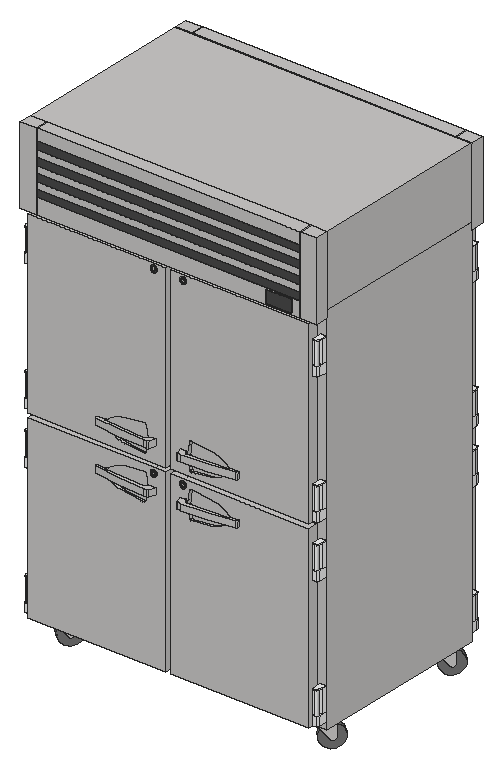
Revit family "QF_Turbo Air_PRO-50-4R-PT", category Specialty Equipment, Revit 2014
Parameters
  Width = 4' - 3 3/4"  # constant formula
  Weight in Pounds = 565
  Watermarked By = ""
  Volts = 115 V
  URL Cutsheet = ""
  URL = "www.turboairinc.com"
  Status [instance] = ""
  Specification by User [instance] = ""
  Specification by Manufacturer [instance] = ""
  Serial Number [instance] = ""
  Revision Code [instance] = ""
  Phase = 1
  Overall Height [instance] = Box Height + CasterLeg Height  # 6' - 11"
  Number of Poles [instance] = 1
  NAFEM Spec ID Number [instance] = ""
  Model = "PRO-50-4R-PT"
  Masterspec [instance] = ""
  Manufacturer = "Turbo Air"  # constant formula
  Door Height = 2' - 7 1/4"  # constant formula
  Description = "Refrigerator, Pass-Thru"
  Assembly Code = "E1090320"
  6 inch Legs [instance] = no
  Item Number [instance] = "-"
  Installed By [instance] = ""
  HP = "1/2"
  Furnished By [instance] = ""
  Foodservice Equipment Identifier = yes
  FL Amps = 9.1 A
  Electrical Remarks [instance] = ""
  Electric Connection Type = ""
  Elec Conn RI Height [instance] = 0' - 0"
  Elec Conn Connection Height = 6' - 4 7/8"
  Cycle = 60 Hz
  Conn Plug = "NEMA 5-15P"
  Casters [instance] = not([6 inch Legs])  # yes
  CasterLeg Height [instance] = if(or([5 inch Casters], [6 inch Legs]), 0' 6", 0' 5")  # 0' - 5"
  CSI MasterFormat = "11 41 13"
  Box Height = 6' - 6"  # constant formula
  Apparent Power = if(Phase = 3, Volts * FL Amps * 1.73, Volts * FL Amps)  # 1046.5 VA
  5 inch Casters [instance] = no
Reference planes (in)
  plane 1 "Box Back": y = 0
  plane 2: z = 0
  plane 3 "LEFT": x = -16.56573
  plane 4 "RIGHT": x = 35.18427
  plane 5 "FRONT": y = -33.875
  plane 6 "Box Front": y = -31.5
  plane 7 "Door Clearance": y = -57.75
  plane 8 "TOP": z = 83
  plane 9 "Box Bottom": z = 5
  plane 10 "Bottom Door Bottom": z = 5.875
  plane 11 "Top Door Top": z = 69.125
  plane 12 "Inside Left": x = -14.56573
  plane 13 "Inside Right": x = 33.18427
  plane 14 "Inside Back": y = -2
  plane 15 "Inside Front": y = -29.5
  plane 16 "Inside Top": z = 70.75
  plane 17 "Center LR": x = 9.30927
  plane 18 "Cowl Bottom": z = 69.5
  plane 19 "Door Left Hinge": x = -15.31573
  plane 20 "Door Right Hinge": x = 33.93427
  plane 21 "BACK": y = 2.375
  plane 22 "Center FB": y = -15.75
  plane 23: y = 26.25
  plane 24: x = 8.93427
  plane 25: x = 9.68427
  plane 26 "Door CL": z = 37.5
  plane 27 "Top Door Bottom": z = 37.875
  plane 28 "Bottom Door Top": z = 37.125
Forms (in)
  Extrusion 1, solid, material "QF_Stainless-Polished"
    sketch origin (0, 0, 5) x (0, 1, 0) y (-1, 0, 0)
      loop
        line (-31.5, 16.56573) -> (-31.5, 13.81573) -> (-29.5, 13.81573) -> (-29.5, 14.56573) -> (-2, 14.56573) -> (-2, 13.81573) -> (0, 13.81573) -> (0, 16.56573) -> (-31.5, 16.56573)
      loop
        line (-2, -33.18427) -> (-29.5, -33.18427) -> (-29.5, -32.43427) -> (-31.5, -32.43427) -> (-31.5, -35.18427) -> (0, -35.18427) -> (0, -32.43427) -> (-2, -32.43427) -> (-2, -33.18427)
    from 0 to 65.75
  Extrusion 2, solid, material "QF_Stainless-Polished"
    sketch origin (-14.56573, 0, 0) x (0, 1, 0) y (0, 0, 1)
      loop
        line (-29.5, 7.75) -> (-29.5, 5) -> (-2, 5) -> (-2, 7.75) -> (-29.5, 7.75)
      loop
        line (-29.5, 70.75) -> (-29.5, 69.375) -> (-2, 69.375) -> (-2, 70.75) -> (-29.5, 70.75)
    from 0 to 47.75
  Extrusion 3, solid, material "QF_Stainless-Polished"
    sketch origin (-14.56573, 0, 0) x (0, 1, 0) y (0, 0, 1)
      loop
        line (-29.5, 5) -> (-29.5, 8.25) -> (-31.5, 8.25) -> (-31.5, 5) -> (-29.5, 5)
      loop
        line (-31.5, 70.75) -> (-31.5, 67) -> (-29.5, 67) -> (-29.5, 70.75) -> (-31.5, 70.75)
    from 0.75 to 47
  Extrusion 4, solid, material "QF_Stainless-Polished"
    sketch origin (0, 0, 83) x (0, 1, 0) y (-1, 0, 0)
      loop
        line (0, 16.56573) -> (-31.5, 16.56573) -> (-31.5, -35.18427) -> (0, -35.18427) -> (0, 16.56573)
    from 0 to -12.25
  Extrusion 5, solid, material "QF_Plastic-Black-Fine Textured"
    sketch origin (0, -31.5, 0) x (1, 0, 0) y (0, 0, 1)
      loop
        line (-14.31573, 67.75) -> (-14.31573, 39.25) -> (7.93427, 39.25) -> (7.93427, 67.75) -> (-14.31573, 67.75)
      loop
        line (-14.31573, 7.25) -> (7.93427, 7.25) -> (7.93427, 35.75) -> (-14.31573, 35.75) -> (-14.31573, 7.25)
      loop
        line (32.93427, 7.25) -> (32.93427, 35.75) -> (10.68427, 35.75) -> (10.68427, 7.25) -> (32.93427, 7.25)
      loop
        line (32.93427, 67.75) -> (10.68427, 67.75) -> (10.68427, 39.25) -> (32.93427, 39.25) -> (32.93427, 67.75)
      loop
        line (-14.56573, 7) -> (8.18427, 7) -> (8.18427, 36) -> (-14.56573, 36) -> (-14.56573, 7)
      loop
        line (-14.56573, 68) -> (-14.56573, 39) -> (8.18427, 39) -> (8.18427, 68) -> (-14.56573, 68)
      loop
        line (33.18427, 68) -> (10.43427, 68) -> (10.43427, 39) -> (33.18427, 39) -> (33.18427, 68)
      loop
        line (33.18427, 7) -> (33.18427, 36) -> (10.43427, 36) -> (10.43427, 7) -> (33.18427, 7)
    from 0 to 0.625
  Extrusion 6, solid, material "QF_Stainless-Polished"
    sketch origin (0, -31.5, 0) x (1, 0, 0) y (0, 0, 1)
      loop
        line (-16.56573, 83) -> (-16.56573, 69.5) -> (-13.75323, 69.5) -> (-13.75323, 83) -> (-16.56573, 83)
      loop
        line (35.18427, 83) -> (32.37177, 83) -> (32.37177, 69.5) -> (35.18427, 69.5) -> (35.18427, 83)
    from 0 to 2.375
  Extrusion 7, solid, material "QF_Stainless-Polished"
    sketch origin (0, -31.5, 0) x (1, 0, 0) y (0, 0, 1)
      loop
        line (-13.75323, 83) -> (-13.75323, 81) -> (32.37177, 81) -> (32.37177, 83) -> (-13.75323, 83)
      loop
        line (-13.75323, 69.5) -> (32.37177, 69.5) -> (32.37177, 72.25) -> (-13.75323, 72.25) -> (-13.75323, 69.5)
      loop
        arc (30.87177, 71.75) -> (30.81686, 71.88258) -> (30.68427, 71.9375) r 0.1875
        line (30.68427, 71.9375) -> (26.55927, 71.9375)
        arc (26.55927, 71.9375) -> (26.42669, 71.88258) -> (26.37177, 71.75) r 0.1875
        line (26.37177, 71.75) -> (26.37177, 69.9375)
        arc (26.37177, 69.9375) -> (26.42669, 69.80492) -> (26.55927, 69.75) r 0.1875
        line (26.55927, 69.75) -> (30.68427, 69.75)
        arc (30.68427, 69.75) -> (30.81686, 69.80492) -> (30.87177, 69.9375) r 0.1875
        line (30.87177, 69.9375) -> (30.87177, 71.75)
    from 0 to 2.375
  Extrusion 8, solid, material "QF_Stainless-Polished"
    sketch origin (0, -31.5, 0) x (1, 0, 0) y (0, 0, 1)
      loop
        line (-13.75323, 79.6875) -> (-13.75323, 78.5625) -> (32.37177, 78.5625) -> (32.37177, 79.6875) -> (-13.75323, 79.6875)
      loop
        line (32.37177, 77.1875) -> (-13.75323, 77.1875) -> (-13.75323, 76.0625) -> (32.37177, 76.0625) -> (32.37177, 77.1875)
      loop
        line (32.37177, 74.6875) -> (-13.75323, 74.6875) -> (-13.75323, 73.5625) -> (32.37177, 73.5625) -> (32.37177, 74.6875)
    from 0 to 2.375
  Extrusion 9, solid, material "QF_Plastic-Black-Fine Textured"
    sketch origin (0, -31.5, 0) x (1, 0, 0) y (0, 0, 1)
      loop
        line (-13.75323, 81) -> (-13.75323, 79.6875) -> (32.37177, 79.6875) -> (32.37177, 81) -> (-13.75323, 81)
      loop
        line (-13.75323, 78.5625) -> (-13.75323, 77.1875) -> (32.37177, 77.1875) -> (32.37177, 78.5625) -> (-13.75323, 78.5625)
      loop
        line (-13.75323, 76.0625) -> (-13.75323, 74.6875) -> (32.37177, 74.6875) -> (32.37177, 76.0625) -> (-13.75323, 76.0625)
      loop
        line (-13.75323, 73.5625) -> (-13.75323, 72.25) -> (32.37177, 72.25) -> (32.37177, 73.5625) -> (-13.75323, 73.5625)
    from 0 to 2.375
  Extrusion 10, solid, material "QF_Plastic-Black-Fine Textured"
    sketch origin (0, -31.5, 0) x (1, 0, 0) y (0, 0, 1)
      loop
        arc (26.55927, 71.9375) -> (26.42669, 71.88258) -> (26.37177, 71.75) r 0.1875
        line (26.37177, 71.75) -> (26.37177, 69.9375)
        arc (26.37177, 69.9375) -> (26.42669, 69.80492) -> (26.55927, 69.75) r 0.1875
        line (26.55927, 69.75) -> (30.68427, 69.75)
        arc (30.68427, 69.75) -> (30.81686, 69.80492) -> (30.87177, 69.9375) r 0.1875
        line (30.87177, 69.9375) -> (30.87177, 71.75)
        arc (30.87177, 71.75) -> (30.81686, 71.88258) -> (30.68427, 71.9375) r 0.1875
        line (30.68427, 71.9375) -> (26.55927, 71.9375)
    from 0 to 2.375
  Extrusion 11, solid, material "QF_Clearance", detail levels coarse+medium
    sketch origin (0, 0, 5.875) x (0, 1, 0) y (-1, 0, 0)
      loop
        line (-57.75, -35.18427) -> (-33.875, -35.18427) -> (-33.875, -9.68427)
        arc (-33.875, -9.68427) -> (-51.23446, -17.35783) -> (-57.75, -35.18427) r 24.25
      loop
        arc (-57.75, 16.56573) -> (-51.23446, -1.26072) -> (-33.875, -8.93427) r 24.25
        line (-33.875, -8.93427) -> (-33.875, 16.56573) -> (-57.75, 16.56573)
    from 0 to 63.25
  Extrusion 12, solid, material "QF_Stainless-Polished"
    sketch origin (0, -2, 0) x (1, 0, 0) y (0, 0, 1)
      loop
        line (33.18427, 69.375) -> (-11.50323, 69.375) -> (-11.50323, 68.125) -> (10.43427, 68.125) -> (31.93427, 65.625) -> (33.18427, 65.625) -> (33.18427, 69.375)
    from 0 to 27.5
  Extrusion 13, solid, material "QF_Stainless-Polished"
    sketch origin (0, -15.75, 0) x (-1, 0, 0) y (0, 0, 1)
      loop
        line (-31.93427, 65.625) -> (-33.18427, 65.625) -> (-33.18427, 28.875) -> (-31.93427, 28.875) -> (-31.93427, 65.625)
    from 0.25 to -0.25
  Extrusion 14, solid, material "QF_Stainless-Polished"
    sketch origin (0, 0, 0) x (1, 0, 0) y (0, 0, 1)
      loop
        line (-16.56573, 83) -> (-16.56573, 69.5) -> (-13.75323, 69.5) -> (-13.75323, 83) -> (-16.56573, 83)
      loop
        line (35.18427, 83) -> (32.37177, 83) -> (32.37177, 69.5) -> (35.18427, 69.5) -> (35.18427, 83)
    from 0 to -2.375
  Extrusion 15, solid, material "QF_Plastic-Black-Fine Textured"
    sketch origin (0, 0, 0) x (1, 0, 0) y (0, 0, 1)
      loop
        line (-13.75323, 81) -> (-13.75323, 79.6875) -> (32.37177, 79.6875) -> (32.37177, 81) -> (-13.75323, 81)
      loop
        line (-13.75323, 78.5625) -> (-13.75323, 77.1875) -> (32.37177, 77.1875) -> (32.37177, 78.5625) -> (-13.75323, 78.5625)
      loop
        line (-13.75323, 76.0625) -> (-13.75323, 74.6875) -> (32.37177, 74.6875) -> (32.37177, 76.0625) -> (-13.75323, 76.0625)
      loop
        line (-13.75323, 73.5625) -> (-13.75323, 72.25) -> (32.37177, 72.25) -> (32.37177, 73.5625) -> (-13.75323, 73.5625)
    from 0 to -2.375
  Extrusion 16, solid, material "QF_Plastic-Black-Fine Textured"
    sketch origin (0, 0, 0) x (1, 0, 0) y (0, 0, 1)
      loop
        arc (26.55927, 71.9375) -> (26.42669, 71.88258) -> (26.37177, 71.75) r 0.1875
        line (26.37177, 71.75) -> (26.37177, 69.9375)
        arc (26.37177, 69.9375) -> (26.42669, 69.80492) -> (26.55927, 69.75) r 0.1875
        line (26.55927, 69.75) -> (30.68427, 69.75)
        arc (30.68427, 69.75) -> (30.81686, 69.80492) -> (30.87177, 69.9375) r 0.1875
        line (30.87177, 69.9375) -> (30.87177, 71.75)
        arc (30.87177, 71.75) -> (30.81686, 71.88258) -> (30.68427, 71.9375) r 0.1875
        line (30.68427, 71.9375) -> (26.55927, 71.9375)
    from 0 to -2.375
  Extrusion 17, solid, material "QF_Stainless-Polished"
    sketch origin (-14.56573, -31.5, 0) x (0, -1, 0) y (0, 0, -1)
      loop
        line (-29.5, -5) -> (-31.5, -5) -> (-31.5, -8.25) -> (-29.5, -8.25) -> (-29.5, -5)
      loop
        line (-31.5, -70.75) -> (-29.5, -70.75) -> (-29.5, -67) -> (-31.5, -67) -> (-31.5, -70.75)
    from 0.75 to 47
  Extrusion 18, solid, material "QF_Stainless-Polished"
    sketch origin (0, 0, 0) x (1, 0, 0) y (0, 0, 1)
      loop
        line (32.37177, 83) -> (-13.75323, 83) -> (-13.75323, 81) -> (32.37177, 81) -> (32.37177, 83)
      loop
        line (32.37177, 72.25) -> (-13.75323, 72.25) -> (-13.75323, 69.5) -> (32.37177, 69.5) -> (32.37177, 72.25)
      loop
        line (30.87177, 69.9375) -> (30.87177, 71.75)
        arc (30.87177, 71.75) -> (30.81686, 71.88258) -> (30.68427, 71.9375) r 0.1875
        line (30.68427, 71.9375) -> (26.55927, 71.9375)
        arc (26.55927, 71.9375) -> (26.42669, 71.88258) -> (26.37177, 71.75) r 0.1875
        line (26.37177, 71.75) -> (26.37177, 69.9375)
        arc (26.37177, 69.9375) -> (26.42669, 69.80492) -> (26.55927, 69.75) r 0.1875
        line (26.55927, 69.75) -> (30.68427, 69.75)
        arc (30.68427, 69.75) -> (30.81686, 69.80492) -> (30.87177, 69.9375) r 0.1875
    from 0 to -2.375
  Extrusion 19, solid, material "QF_Plastic-Black-Fine Textured"
    sketch origin (0, 0, 0) x (1, 0, 0) y (0, 0, 1)
      loop
        line (33.18427, 68) -> (10.43427, 68) -> (10.43427, 39) -> (33.18427, 39) -> (33.18427, 68)
      loop
        line (-14.31573, 67.75) -> (-14.31573, 39.25) -> (7.93427, 39.25) -> (7.93427, 67.75) -> (-14.31573, 67.75)
      loop
        line (32.93427, 67.75) -> (10.68427, 67.75) -> (10.68427, 39.25) -> (32.93427, 39.25) -> (32.93427, 67.75)
      loop
        line (-14.56573, 7) -> (8.18427, 7) -> (8.18427, 36) -> (-14.56573, 36) -> (-14.56573, 7)
      loop
        line (32.93427, 7.25) -> (32.93427, 35.75) -> (10.68427, 35.75) -> (10.68427, 7.25) -> (32.93427, 7.25)
      loop
        line (-14.31573, 7.25) -> (7.93427, 7.25) -> (7.93427, 35.75) -> (-14.31573, 35.75) -> (-14.31573, 7.25)
      loop
        line (-14.56573, 68) -> (-14.56573, 39) -> (8.18427, 39) -> (8.18427, 68) -> (-14.56573, 68)
      loop
        line (10.43427, 7) -> (33.18427, 7) -> (33.18427, 36) -> (10.43427, 36) -> (10.43427, 7)
    from 0 to -0.625
  Extrusion 20, solid, material "QF_Stainless-Polished"
    sketch origin (0, 0, 0) x (1, 0, 0) y (0, 0, 1)
      loop
        line (32.37177, 79.6875) -> (-13.75323, 79.6875) -> (-13.75323, 78.5625) -> (32.37177, 78.5625) -> (32.37177, 79.6875)
      loop
        line (32.37177, 77.1875) -> (-13.75323, 77.1875) -> (-13.75323, 76.0625) -> (32.37177, 76.0625) -> (32.37177, 77.1875)
      loop
        line (32.37177, 74.6875) -> (-13.75323, 74.6875) -> (-13.75323, 73.5625) -> (32.37177, 73.5625) -> (32.37177, 74.6875)
    from 0 to -2.375
  Extrusion 21, solid, material "QF_Clearance", detail levels coarse+medium
    sketch origin (0, -31.5, 5.875) x (0, -1, 0) y (1, 0, 0)
      loop
        arc (-57.75, 35.18427) -> (-51.23446, 17.35783) -> (-33.875, 9.68427) r 24.25
        line (-33.875, 9.68427) -> (-33.875, 35.18427) -> (-57.75, 35.18427)
      loop
        line (-57.75, -16.56573) -> (-33.875, -16.56573) -> (-33.875, 8.93427)
        arc (-33.875, 8.93427) -> (-51.23446, 1.26072) -> (-57.75, -16.56573) r 24.25
    from 0 to 63.25
  Extrusion 22, solid, material "QF_Stainless-Polished"
    sketch origin (0, -31.5, 0) x (1, 0, 0) y (0, 0, 1)
      loop
        line (11.30927, 67) -> (7.30927, 67) -> (7.30927, 39.5) -> (-13.81573, 39.5) -> (-13.81573, 35.5) -> (7.30927, 35.5) -> (7.30927, 8.25) -> (11.30927, 8.25) -> (11.30927, 35.5) -> (32.43427, 35.5) -> (32.43427, 39.5) -> (11.30927, 39.5) -> (11.30927, 67)
    from 0 to -2
  Extrusion 23, solid, material "QF_Stainless-Polished"
    sketch origin (0, 0, 0) x (1, 0, 0) y (0, 0, 1)
      loop
        line (11.30927, 67) -> (7.30927, 67) -> (7.30927, 39.5) -> (-13.81573, 39.5) -> (-13.81573, 35.5) -> (7.30927, 35.5) -> (7.30927, 8.25) -> (11.30927, 8.25) -> (11.30927, 35.5) -> (32.43427, 35.5) -> (32.43427, 39.5) -> (11.30927, 39.5) -> (11.30927, 67)
    from 0 to 2
Lines and regions (in)
  symbolic lines
    curve 1: line (-16.56573, 2.375, 83) -> (35.18427, 2.375, 83)
    curve 2: line (-16.56573, -33.875, 83) -> (-16.56573, 2.375, 83)
    curve 3: line (35.18427, -33.875, 83) -> (-16.56573, -33.875, 83)
    curve 4: line (35.18427, 2.375, 83) -> (35.18427, -33.875, 83)
  symbolic lines, style "QF_Clearances_Door_Drawer", detail levels coarse+medium
    curve 5: line (35.18427, -57.75, 5.875) -> (35.18427, -33.875, 5.875)
    curve 6: line (-16.56573, 26.25, 5.875) -> (-16.56573, 2.375, 5.875)
    curve 7: arc (8.93427, 2.375, 5.875) -> (1.26072, 19.73446, 5.875) -> (-16.56573, 26.25, 5.875) r 24.25
    curve 8: arc (35.18427, 26.25, 5.875) -> (17.35783, 19.73446, 5.875) -> (9.68427, 2.375, 5.875) r 24.25
    curve 9: line (35.18427, 2.375, 5.875) -> (35.18427, 26.25, 5.875)
    curve 10: arc (9.68427, -33.875, 5.875) -> (17.35783, -51.23446, 5.875) -> (35.18427, -57.75, 5.875) r 24.25
    curve 11: arc (-16.56573, -57.75, 5.875) -> (1.26072, -51.23446, 5.875) -> (8.93427, -33.875, 5.875) r 24.25
    curve 12: line (-16.56573, -33.875, 5.875) -> (-16.56573, -57.75, 5.875)
Dimensions and locks (in)
  "Width": plane 4 "RIGHT" to plane 3 "LEFT"
  plane 5 "FRONT" to plane 6 "Box Front" = 0' - 2 3/8"
  "CasterLeg Height": plane 9 "Box Bottom" to level
  locked: plane 10 "Bottom Door Bottom" to plane 9 "Box Bottom" at 0.875
  "Box Height": plane 8 "TOP" to plane 9 "Box Bottom"
  locked: plane 8 "TOP" to plane 11 "Top Door Top" at 13.875
  locked: plane 3 "LEFT" to plane 12 "Inside Left" at 2
  locked: plane 13 "Inside Right" to plane 4 "RIGHT" at 2
  locked: plane 14 "Inside Back" to plane 1 "Box Back" at 2
  plane 6 "Box Front" to plane 15 "Inside Front" = 0' - 2"
  locked: plane 12 "Inside Left" to Extrusion 1 sketch curve at 0.75
  locked: Extrusion 1 sketch curve to plane 13 "Inside Right" at 0.75
  locked: plane 8 "TOP" to plane 16 "Inside Top" at 12.25
  locked: plane 9 "Box Bottom" to Extrusion 2 sketch curve at 2.75
  locked: Extrusion 3 sketch curve to plane 9 "Box Bottom" at 3.25
  locked: plane 16 "Inside Top" to Extrusion 2 sketch curve at 1.375
  locked: Extrusion 3 sketch curve to plane 16 "Inside Top" at 3.75
  equal spacing: plane 3 "LEFT", plane 17 "Center LR", plane 4 "RIGHT"
  locked: Extrusion 5 sketch curve to Extrusion 5 sketch curve at 0.25  (x16)
  locked: Extrusion 5 sketch curve to plane 3 "LEFT" at 2
  locked: Extrusion 5 sketch curve to plane 4 "RIGHT" at 2
  locked: plane 11 "Top Door Top" to Extrusion 5 sketch curve at 1.125  (x2)
  locked: Extrusion 5 sketch curve to plane 10 "Bottom Door Bottom" at 1.125  (x2)
  locked: plane 18 "Cowl Bottom" to plane 11 "Top Door Top" at 0.375
  locked: plane 3 "LEFT" to nested 1 at 3
  locked: nested 1 to plane 1 "Box Back" at 2.5
  locked: plane 3 "LEFT" to nested 2 at 3
  locked: plane 6 "Box Front" to nested 2 at 2.8125
  locked: nested 3 to plane 4 "RIGHT" at 3
  locked: nested 3 to plane 1 "Box Back" at 2.5
  locked: nested 4 to plane 4 "RIGHT" at 3
  locked: plane 6 "Box Front" to nested 4 at 2.8125
  locked: plane 3 "LEFT" to Extrusion 6 sketch curve at 2.8125
  locked: Extrusion 6 sketch curve to plane 4 "RIGHT" at 2.8125
  locked: Extrusion 7 sketch curve to plane 3 "LEFT" at 2.8125  (x2)
  locked: plane 8 "TOP" to Extrusion 7 sketch curve at 2
  locked: Extrusion 7 sketch curve to plane 4 "RIGHT" at 2.8125  (x2)
  locked: Extrusion 7 sketch curve to plane 18 "Cowl Bottom" at 2.75
  locked: Extrusion 7 sketch curve to Extrusion 7 sketch curve at 4.5
  locked: Extrusion 7 sketch curve to plane 4 "RIGHT" at 4.3125
  locked: Extrusion 7 sketch curve to Extrusion 7 sketch curve at 2.1875
  locked: Extrusion 7 sketch curve to Extrusion 7 sketch curve at 0.3125
  locked: Extrusion 8 sketch curve to plane 3 "LEFT" at 2.8125  (x3)
  locked: Extrusion 8 sketch curve to plane 4 "RIGHT" at 2.8125  (x3)
  locked: plane 8 "TOP" to Extrusion 8 sketch curve at 3.3125
  locked: Extrusion 8 sketch curve to Extrusion 8 sketch curve at 1.125  (x3)
  locked: Extrusion 8 sketch curve to Extrusion 8 sketch curve at 1.375  (x2)
  locked: plane 3 "LEFT" to plane 19 "Door Left Hinge" at 1.25
  locked: plane 20 "Door Right Hinge" to plane 4 "RIGHT" at 1.25
  locked: plane 6 "Box Front" to plane 1 "Box Back" at 31.5
  locked: plane 1 "Box Back" to plane 21 "BACK" at 2.375
  locked: Extrusion 12 sketch curve to Extrusion 12 sketch curve at 1.25
  locked: Extrusion 12 sketch curve to Extrusion 12 sketch curve at 3.75
  locked: Extrusion 13 sketch curve to Extrusion 13 sketch curve at 36.75
  equal spacing: plane 6 "Box Front", plane 22 "Center FB", plane 1 "Box Back"
  locked: plane 4 "RIGHT" to Extrusion 14 sketch curve at 2.8125
  locked: Extrusion 14 sketch curve to plane 3 "LEFT" at 2.8125
  locked: Extrusion 15 sketch curve to plane 8 "TOP" at 2
  locked: Extrusion 15 sketch curve to Extrusion 15 sketch curve at 1.3125  (x2)
  locked: Extrusion 15 sketch curve to Extrusion 15 sketch curve at 1.125  (x3)
  locked: Extrusion 15 sketch curve to Extrusion 15 sketch curve at 1.375  (x2)
  locked: plane 4 "RIGHT" to Extrusion 15 sketch curve at 2.8125  (x4)
  locked: plane 3 "LEFT" to Extrusion 15 sketch curve at 2.8125  (x4)
  locked: Extrusion 16 sketch curve to Extrusion 16 sketch curve at 2.1875
  locked: plane 18 "Cowl Bottom" to Extrusion 16 sketch curve at 0.25
  locked: plane 4 "RIGHT" to Extrusion 16 sketch curve at 4.3125
  locked: Extrusion 16 sketch curve to Extrusion 16 sketch curve at 4.5
  locked: plane 3 "LEFT" to Extrusion 1 sketch curve at 2.75
  locked: Extrusion 1 sketch curve to plane 4 "RIGHT" at 2.75
  locked: plane 16 "Inside Top" to Extrusion 17 sketch curve at 3.75
  locked: Extrusion 17 sketch curve to plane 9 "Box Bottom" at 3.25
  locked: Extrusion 18 sketch curve to plane 4 "RIGHT" at 2.8125  (x2)
  locked: Extrusion 18 sketch curve to plane 3 "LEFT" at 2.8125  (x2)
  locked: Extrusion 18 sketch curve to plane 8 "TOP" at 2
  locked: plane 18 "Cowl Bottom" to Extrusion 18 sketch curve at 2.75
  locked: Extrusion 18 sketch curve to Extrusion 18 sketch curve at 2.1875
  locked: plane 18 "Cowl Bottom" to Extrusion 18 sketch curve at 0.25
  locked: Extrusion 18 sketch curve to Extrusion 18 sketch curve at 4.5
  locked: Extrusion 18 sketch curve to plane 4 "RIGHT" at 4.3125
  locked: Extrusion 19 sketch curve to Extrusion 19 sketch curve at 0.25  (x16)
  locked: plane 20 "Door Right Hinge" to Extrusion 19 sketch curve at 0.75  (x2)
  locked: Extrusion 19 sketch curve to plane 19 "Door Left Hinge" at 0.75  (x2)
  locked: Extrusion 19 sketch curve to plane 11 "Top Door Top" at 1.125  (x2)
  locked: plane 10 "Bottom Door Bottom" to Extrusion 19 sketch curve at 1.125  (x2)
  locked: Extrusion 20 sketch curve to plane 4 "RIGHT" at 2.8125  (x3)
  locked: Extrusion 20 sketch curve to plane 8 "TOP" at 3.3125
  locked: Extrusion 20 sketch curve to Extrusion 20 sketch curve at 1.125  (x3)
  locked: Extrusion 20 sketch curve to Extrusion 20 sketch curve at 1.375  (x2)
  locked: Extrusion 20 sketch curve to plane 3 "LEFT" at 2.8125  (x3)
  locked: plane 7 "Door Clearance" to plane 5 "FRONT" at 23.875
  locked: plane 21 "BACK" to plane 23 at 23.875
  plane 24 to plane 17 "Center LR" to plane 25 = 0' - 0 3/8" locked, 0' - 0 3/8" locked
  plane 19 "Door Left Hinge" to plane 24 = 2' - 0 1/4"
  locked: Extrusion 5 sketch curve to plane 24 at 0.75  (x2)
  locked: plane 25 to Extrusion 5 sketch curve at 0.75
  locked: Extrusion 19 sketch curve to plane 25 at 0.75  (x2)
  locked: plane 24 to Extrusion 19 sketch curve at 0.75  (x2)
  locked: plane 11 "Top Door Top" to Extrusion 22 sketch curve at 2.125
  Extrusion 22 sketch curve to plane 17 "Center LR" to Extrusion 22 sketch curve = 0' - 2" locked, 0' - 2" locked  (x2)
  locked: Extrusion 22 sketch curve to plane 10 "Bottom Door Bottom" at 2.375
  Extrusion 23 sketch curve to plane 17 "Center LR" to Extrusion 23 sketch curve = 0' - 2" locked, 0' - 2" locked  (x2)
  locked: Extrusion 23 sketch curve to plane 11 "Top Door Top" at 2.125
  locked: plane 10 "Bottom Door Bottom" to Extrusion 23 sketch curve at 2.375
  plane 27 "Top Door Bottom" to plane 26 "Door CL" to plane 28 "Bottom Door Top" = 0' - 0 3/8" locked, 0' - 0 3/8" locked
  equal spacing: plane 11 "Top Door Top", plane 26 "Door CL", plane 10 "Bottom Door Bottom"
  locked: Extrusion 5 sketch curve to plane 27 "Top Door Bottom" at 1.125  (x2)
  locked: plane 28 "Bottom Door Top" to Extrusion 5 sketch curve at 1.125  (x2)
  locked: Extrusion 5 sketch curve to plane 19 "Door Left Hinge" at 0.75
  locked: Extrusion 5 sketch curve to plane 25 at 0.75
  locked: Extrusion 5 sketch curve to plane 20 "Door Right Hinge" at 0.75
  Extrusion 22 sketch curve to plane 26 "Door CL" to Extrusion 22 sketch curve = 0' - 2" locked, 0' - 2" locked  (x2)
  locked: Extrusion 22 sketch curve to plane 3 "LEFT" at 2.75
  locked: plane 4 "RIGHT" to Extrusion 22 sketch curve at 2.75
  locked: plane 27 "Top Door Bottom" to Extrusion 19 sketch curve at 1.125  (x2)
  locked: Extrusion 19 sketch curve to plane 28 "Bottom Door Top" at 1.125  (x2)
  locked: Extrusion 23 sketch curve to plane 4 "RIGHT" at 2.75
  locked: plane 3 "LEFT" to Extrusion 23 sketch curve at 2.75
  Extrusion 23 sketch curve to plane 26 "Door CL" to Extrusion 23 sketch curve = 0' - 2" locked, 0' - 2" locked  (x2)
  aligned and locked: level to plane 2
  aligned and locked: Extrusion 1 sketch curve to plane 3 "LEFT"
  aligned and locked: plane 12 "Inside Left" to Extrusion 1 sketch curve
  aligned and locked: Extrusion 1 sketch curve to plane 13 "Inside Right"
  aligned and locked: plane 4 "RIGHT" to Extrusion 1 sketch curve
  aligned and locked: plane 14 "Inside Back" to Extrusion 1 sketch curve  (x2)
  aligned and locked: Extrusion 1 sketch curve to plane 1 "Box Back"  (x2)
  aligned and locked: Extrusion 1 sketch curve to plane 15 "Inside Front"  (x2)
  aligned and locked: plane 6 "Box Front" to Extrusion 1 sketch curve  (x2)
  aligned and locked: plane 16 "Inside Top" to Extrusion 1
  aligned and locked: plane 9 "Box Bottom" to Extrusion 2 sketch curve
  aligned and locked: plane 15 "Inside Front" to Extrusion 2 sketch curve
  aligned and locked: plane 14 "Inside Back" to Extrusion 2 sketch curve  (x2)
  aligned and locked: plane 13 "Inside Right" to Extrusion 2
  aligned and locked: plane 6 "Box Front" to Extrusion 3 sketch curve  (x2)
  aligned and locked: Extrusion 3 sketch curve to plane 9 "Box Bottom"
  aligned and locked: Extrusion 3 sketch curve to plane 15 "Inside Front"  (x2)
  aligned and locked: Extrusion 3 to Extrusion 1  (x2)
  aligned and locked: Extrusion 2 sketch curve to plane 16 "Inside Top"
  aligned and locked: Extrusion 2 sketch curve to plane 15 "Inside Front"
  aligned and locked: plane 16 "Inside Top" to Extrusion 3 sketch curve
  aligned and locked: plane 1 "Box Back" to Extrusion 4 sketch curve
  aligned and locked: plane 3 "LEFT" to Extrusion 4 sketch curve
  aligned and locked: Extrusion 4 sketch curve to plane 6 "Box Front"
  aligned and locked: Extrusion 4 sketch curve to plane 4 "RIGHT"
  aligned and locked: Extrusion 4 to plane 16 "Inside Top"
  aligned and locked: plane 5 "FRONT" to Extrusion 6
  aligned and locked: plane 3 "LEFT" to curve 2
  aligned and locked: curve 3 to plane 5 "FRONT"
  aligned and locked: curve 4 to plane 4 "RIGHT"
  aligned and locked: plane 18 "Cowl Bottom" to Extrusion 6 sketch curve
  aligned and locked: plane 3 "LEFT" to Extrusion 6 sketch curve
  aligned and locked: Extrusion 6 sketch curve to plane 8 "TOP"
  aligned and locked: plane 8 "TOP" to Extrusion 6 sketch curve
  aligned and locked: plane 4 "RIGHT" to Extrusion 6 sketch curve
  aligned and locked: Extrusion 6 sketch curve to plane 18 "Cowl Bottom"
  aligned and locked: Extrusion 7 sketch curve to plane 8 "TOP"
  aligned and locked: plane 18 "Cowl Bottom" to Extrusion 7 sketch curve
  aligned and locked: plane 5 "FRONT" to Extrusion 7
  aligned and locked: plane 5 "FRONT" to Extrusion 8
  aligned and locked: Extrusion 9 sketch curve to Extrusion 7  (x4)
  aligned and locked: Extrusion 9 sketch curve to Extrusion 8  (x12)
  aligned and locked: plane 5 "FRONT" to Extrusion 9
  aligned and locked: Extrusion 10 sketch curve to Extrusion 7  (x4)
  aligned and locked: plane 5 "FRONT" to Extrusion 10
  aligned and locked: plane 6 "Box Front" to nested 5
  aligned and locked: nested 5 to plane 10 "Bottom Door Bottom"
  aligned and locked: plane 11 "Top Door Top" to Extrusion 11
  aligned and locked: plane 15 "Inside Front" to Extrusion 12
  aligned and locked: Extrusion 14 sketch curve to plane 8 "TOP"
  aligned and locked: Extrusion 14 sketch curve to plane 4 "RIGHT"
  aligned and locked: plane 18 "Cowl Bottom" to Extrusion 14 sketch curve
  aligned and locked: Extrusion 14 sketch curve to plane 18 "Cowl Bottom"
  aligned and locked: Extrusion 14 sketch curve to plane 3 "LEFT"
  aligned and locked: plane 8 "TOP" to Extrusion 14 sketch curve
  aligned and locked: Extrusion 14 to plane 21 "BACK"
  aligned and locked: Extrusion 15 to plane 21 "BACK"
  aligned and locked: Extrusion 16 to plane 21 "BACK"
  aligned and locked: Extrusion 17 to Extrusion 1
  aligned and locked: plane 16 "Inside Top" to Extrusion 17 sketch curve
  aligned and locked: plane 14 "Inside Back" to Extrusion 17 sketch curve  (x2)
  aligned and locked: Extrusion 17 sketch curve to plane 1 "Box Back"  (x2)
  aligned and locked: Extrusion 17 sketch curve to plane 9 "Box Bottom"
  aligned and locked: Extrusion 18 sketch curve to plane 8 "TOP"
  aligned and locked: plane 18 "Cowl Bottom" to Extrusion 18 sketch curve
  aligned and locked: Extrusion 18 to plane 21 "BACK"
  aligned and locked: nested 6 to plane 10 "Bottom Door Bottom"
  aligned and locked: nested 6 to plane 3 "LEFT"
  aligned and locked: Extrusion 20 to plane 21 "BACK"
  aligned and locked: plane 21 "BACK" to curve 1
  aligned and locked: plane 4 "RIGHT" to nested 5
  aligned and locked: plane 10 "Bottom Door Bottom" to nested 7
  aligned and locked: plane 3 "LEFT" to nested 7
  aligned and locked: plane 10 "Bottom Door Bottom" to nested 8
  aligned and locked: nested 8 to plane 4 "RIGHT"
  aligned and locked: plane 11 "Top Door Top" to Extrusion 21
  aligned and locked: nested 10 to plane 27 "Top Door Bottom"
  aligned and locked: plane 27 "Top Door Bottom" to nested 12
  aligned and locked: plane 27 "Top Door Bottom" to nested 11
  aligned and locked: nested 9 to plane 27 "Top Door Bottom"
Automatic sketch dimensions
  curve 5 to plane 4 "RIGHT" = 0' - 0"
  plane 7 "Door Clearance" to curve 5 = 0' - 0"
  curve 11 to plane 3 "LEFT" = 0' - 0"
  plane 7 "Door Clearance" to curve 11 = 0' - 0"
  plane 5 "FRONT" to curve 12 = 0' - 0"
  plane 5 "FRONT" to curve 11 = 0' - 0"
  plane 5 "FRONT" to curve 10 = 0' - 0"
  plane 5 "FRONT" to curve 5 = 0' - 0"
  curve 6 to plane 3 "LEFT" = 0' - 0"
  plane 21 "BACK" to curve 6 = 0' - 0"
  plane 21 "BACK" to curve 7 = 0' - 0"
  plane 21 "BACK" to curve 8 = 0' - 0"
  curve 9 to plane 4 "RIGHT" = 0' - 0"
  plane 21 "BACK" to curve 9 = 0' - 0"
  plane 23 to curve 7 = 0' - 0"
  plane 23 to curve 8 = 0' - 0"
  curve 10 to plane 25 = 0' - 0"
  curve 8 to plane 25 = 0' - 0"
  curve 11 to plane 24 = 0' - 0"
  curve 7 to plane 24 = 0' - 0"
  plane 19 "Door Left Hinge" to curve 11 = 0' - 0.00242"
  curve 10 to plane 20 "Door Right Hinge" = 0' - 0.00242"
  curve 8 to plane 20 "Door Right Hinge" = 0' - 0.00242"
  plane 19 "Door Left Hinge" to curve 7 = 0' - 0.00242"
  Extrusion 7 sketch curve to Extrusion 7 sketch curve = 0' - 0 3/16"  (x4)
  Extrusion 11 sketch curve to plane 4 "RIGHT" = 0' - 0"
  plane 7 "Door Clearance" to Extrusion 11 sketch curve = 0' - 0"  (x2)
  Extrusion 11 sketch curve to plane 3 "LEFT" = 0' - 0"
  plane 5 "FRONT" to Extrusion 11 sketch curve = 0' - 0"  (x2)
  Extrusion 11 sketch curve to plane 25 = 0' - 0"
  Extrusion 11 sketch curve to plane 24 = 0' - 0"
  Extrusion 11 sketch curve to plane 20 "Door Right Hinge" = 0' - 0.00242"
  plane 19 "Door Left Hinge" to Extrusion 11 sketch curve = 0' - 0.00242"
  Extrusion 12 sketch curve to plane 13 "Inside Right" = 0' - 0"
  Extrusion 12 sketch curve to Extrusion 12 sketch curve = 0' - 1 1/4"
  Extrusion 12 sketch curve to plane 25 = 0' - 0 3/4"
  Extrusion 12 sketch curve to plane 11 "Top Door Top" = 0' - 1"
  plane 12 "Inside Left" to Extrusion 12 sketch curve = 0' - 3 1/16"
  Extrusion 13 sketch curve to plane 13 "Inside Right" = 0' - 0"
  Extrusion 13 sketch curve to Extrusion 13 sketch curve = 0' - 1 1/4"
  Extrusion 13 sketch curve to plane 28 "Bottom Door Top" = 0' - 8 1/4"
  Extrusion 16 sketch curve to Extrusion 16 sketch curve = 0' - 0 3/16"  (x4)
  Extrusion 18 sketch curve to Extrusion 18 sketch curve = 0' - 0 3/16"  (x4)
  Extrusion 21 sketch curve to plane 4 "RIGHT" = 0' - 0"
  plane 23 to Extrusion 21 sketch curve = 0' - 0"  (x2)
  Extrusion 21 sketch curve to plane 3 "LEFT" = 0' - 0"
  plane 21 "BACK" to Extrusion 21 sketch curve = 0' - 0"  (x2)
  Extrusion 21 sketch curve to plane 25 = 0' - 0"
  Extrusion 21 sketch curve to plane 24 = 0' - 0"
  plane 20 "Door Right Hinge" to Extrusion 21 sketch curve = 0' - 0.00242"
  Extrusion 21 sketch curve to plane 19 "Door Left Hinge" = 0' - 0.00242"
Nested families (in)
  nested 1: "FESCasterLeg" at (-13.56573, -2.5, 0), Casters <- "Casters", Legs <- "6 inch Legs", Height <- "CasterLeg Height", type "FESCasterLeg"
    with Legs no, Height 0' - 5", Casters yes, Caster Radius 0' - 2"
  nested 2: "FESCasterLeg" at (-13.56573, -28.6875, 0), Casters <- "Casters", Legs <- "6 inch Legs", Height <- "CasterLeg Height", type "FESCasterLeg"
    with Legs no, Height 0' - 5", Casters yes, Caster Radius 0' - 2"
  nested 3: "FESCasterLeg" at (32.18427, -2.5, 0), Casters <- "Casters", Legs <- "6 inch Legs", Height <- "CasterLeg Height", type "FESCasterLeg"
    with Legs no, Height 0' - 5", Casters yes, Caster Radius 0' - 2"
  nested 4: "FESCasterLeg" at (32.18427, -28.6875, 0), Casters <- "Casters", Legs <- "6 inch Legs", Height <- "CasterLeg Height", type "FESCasterLeg"
    with Legs no, Height 0' - 5", Casters yes, Caster Radius 0' - 2"
  nested 5: "QF_Turbo Air_RI-Solid Door" at (26.25, -32.125, 5.875), Height <- "Door Height", type "QF_Turbo Air_RI-Solid Door"
    with Width 2' - 0 1/4", Symbolic Lines Handle yes, Symbolic Lines no, Height 2' - 7 1/4", Handle From Top 0' - 3 9/16", Center Hinge no
  nested 6: "QF_Turbo Air_RI-Solid Door" at (-7.63145, 0.625, 5.875) x (-1, 0, 0) z (0, 0, 1), Height <- "Door Height", type "QF_Turbo Air_RI-Solid Door"
    with Width 2' - 0 1/4", Symbolic Lines Handle yes, Symbolic Lines no, Height 2' - 7 1/4", Handle From Top 0' - 3 9/16", Center Hinge no
  nested 7: "QF_Turbo Air_RI-Solid Door" at (-7.63145, -32.125, 5.875) x (-1, 0, 0) z (0, 0, 1), Height <- "Door Height", type "QF_Turbo Air_RI-Solid Door"
    with Width 2' - 0 1/4", Symbolic Lines Handle yes, Symbolic Lines no, Height 2' - 7 1/4", Handle From Top 0' - 3 9/16", Center Hinge no
  nested 8: "QF_Turbo Air_RI-Solid Door" at (26.25, 0.625, 5.875), Height <- "Door Height", type "QF_Turbo Air_RI-Solid Door"
    with Width 2' - 0 1/4", Symbolic Lines Handle yes, Symbolic Lines no, Height 2' - 7 1/4", Handle From Top 0' - 3 9/16", Center Hinge no
  nested 9: "QF_Turbo Air_RI-Solid Door" at (26.25, -32.125, 37.875), Height <- "Door Height", type "QF_Turbo Air_RI-Solid Door"
    with Width 2' - 0 1/4", Symbolic Lines Handle yes, Symbolic Lines no, Height 2' - 7 1/4", Handle From Top 2' - 3 15/16", Center Hinge no
  nested 10: "QF_Turbo Air_RI-Solid Door" at (-7.63145, 0.625, 37.875) x (-1, 0, 0) z (0, 0, 1), Height <- "Door Height", type "QF_Turbo Air_RI-Solid Door"
    with Width 2' - 0 1/4", Symbolic Lines Handle yes, Symbolic Lines no, Height 2' - 7 1/4", Handle From Top 2' - 3 15/16", Center Hinge no
  nested 11: "QF_Turbo Air_RI-Solid Door" at (-7.63145, -32.125, 37.875) x (-1, 0, 0) z (0, 0, 1), Height <- "Door Height", type "QF_Turbo Air_RI-Solid Door"
    with Width 2' - 0 1/4", Symbolic Lines Handle yes, Symbolic Lines no, Height 2' - 7 1/4", Handle From Top 2' - 3 15/16", Center Hinge no
  nested 12: "QF_Turbo Air_RI-Solid Door" at (26.25, 0.625, 37.875), Height <- "Door Height", type "QF_Turbo Air_RI-Solid Door"
    with Width 2' - 0 1/4", Symbolic Lines Handle yes, Symbolic Lines no, Height 2' - 7 1/4", Handle From Top 2' - 3 15/16", Center Hinge no
Connectors (in)
  electrical at (35.18427, -15.75, 76.875), driven by "Number of Poles", driven by "Volts", driven by "Apparent Power"
    settings: on Extrusion 4, index 1, voltage 115 V, apparent load 1046.5 VA, apparent load phase1 0 VA, apparent load phase2 0 VA, apparent load phase3 0 VA, power factor 1, load classification "Other", number of poles 1, system type 30, power factor state 1, is connector primary yes, connector utility no, sub classification motor no, connector description "Electric"
Definition of nested family "FESCasterLeg"
  Parameters
    Watermarked By = "http://revitwatermark.com"
    Type Comments = ""
    Legs [instance] = yes
    Height [instance] = 0' - 6"
    Caster Radius [instance] = if(Height < 0' 3", 0' 1", (Height / 2) - 0' 0 1/2")  # 0' - 2 1/2"
    Casters [instance] = yes
    Assembly Code = ""
  Reference planes (in)
    plane 1 "Center (Front/Back)": y = 0
    plane 2: z = 0
    plane 3 "Center (Left/Right)": x = 0
    plane 4: z = 6
    plane 5: z = 5.5
  Forms (in)
    Extrusion 1, solid, material "QF_Stainless-Polished", visible <- "Casters"
      sketch origin (-24.12131, -22.88887, 10.18833) x (0.707107, 0.707107, 0) y (0, 0, 1)
        loop
          line (34.98772, -7.68833) -> (34.98772, -4.93833) -> (34.48772, -4.93833) -> (34.39402, -4.68833) -> (32.39402, -4.68833) -> (32.39402, -5.43833) -> (33.98772, -7.34206) -> (33.98772, -7.68833)
          arc (33.98772, -7.68833) -> (34.48772, -8.18833) -> (34.98772, -7.68833) r 0.5
      from 0 to 1.75
    Extrusion 2, solid, material "QF_Rubber-Black", visible <- "Casters"
      sketch origin (-24.32327, -23.09083, 13.31461) x (0.707107, 0.707107, 0) y (0, 0, 1)
        loop
          circle (34.77334, -10.81461) r 2.5
      from 0.375 to 1.375
    Extrusion 3, solid, material "QF_Stainless-Polished", visible <- "Casters"
      sketch origin (-7.24148, -8.48391, 0) x (0.707107, 0.707107, 0) y (0, 0, 1)
        loop
          line (10.61603, 5.5) -> (11.61603, 5.5) -> (11.61603, 6) -> (10.61603, 6) -> (10.61603, 5.5)
      from 0 to -1.75
    Blend 4, solid, material "QF_Stainless-Polished", visible <- "Legs"
      base sketch origin (0, 0, 0) x (1, 0, 0) y (0, 1, 0)
        loop
          circle (0, 0) r 0.5
      top sketch origin (0, 0, 0) x (1, 0, 0) y (0, 1, 0)
        loop
          circle (0, 0) r 1
      from 0 to 6 <- "Height"
  Lines and regions (in)
    symbolic lines, style "QF_Details_Undercounter", visible <- "Casters", built-in parameter 1006206 <- "Casters"
      curve 1: line (-1.26158, -0.51911, 0) -> (1.39007, 2.13254, 0)
      curve 2: line (-0.53429, -1.24639, 0) -> (2.11736, 1.40526, 0)
    symbolic lines, style "QF_Details_Undercounter", built-in parameter 1006206 <- "Casters", visible <- "Casters"
      curve 3: line (-1.26158, -0.51911, 0) -> (1.39007, 2.13254, 0)
      curve 4: line (-0.53429, -1.24639, 0) -> (2.11736, 1.40526, 0)
  Dimensions and locks (in)
    locked: plane 4 to plane 5 at 0.5
    "Height": plane 4 to level
    "Caster Radius": Extrusion 2 sketch curve to level
    "Caster Radius": Extrusion 1 sketch curve to level
    "Caster Radius": radius of Extrusion 2 sketch curve
    aligned and locked: plane 2 to level
    aligned: Blend 4 to Extrusion 3
    aligned and locked: plane 4 to Blend 4
    aligned and locked: Extrusion 3 to plane 5
    aligned and locked: plane 4 to Extrusion 3
    aligned and locked: plane 5 to Extrusion 1
  Automatic sketch dimensions
    plane 1 "Center (Front/Back)" to curve 3 = 0' - 0.51911"
    curve 3 to plane 3 "Center (Left/Right)" = 0' - 1.26158"
    plane 1 "Center (Front/Back)" to curve 1 = 0' - 0.51911"
    curve 1 to curve 3 = 0' - 0"  (x3)
    curve 4 to plane 3 "Center (Left/Right)" = 0' - 0.53429"
    curve 2 to curve 4 = 0' - 0"  (x2)
    plane 3 "Center (Left/Right)" to curve 3 = 0' - 1.39007"
    curve 1 to curve 4 = 0' - 0.72729"
    curve 2 to curve 1 = 0' - 0.72729"
    curve 4 to curve 2 = 0' - 0"  (x2)
    curve 2 to plane 1 "Center (Front/Back)" = 0' - 1.40526"
    curve 2 to curve 3 = 0' - 0.72729"
    Extrusion 3 sketch curve to plane 5 = 0' - 0"
    plane 4 to Extrusion 3 sketch curve = 0' - 0"
    Extrusion 3 sketch curve to Extrusion 3 sketch curve = 0' - 1"
    plane 1 "Center (Front/Back)" to Blend 4 sketch curve = 0' - 0"  (x2)
    Blend 4 sketch curve to plane 3 "Center (Left/Right)" = 0' - 0"  (x2)
    Extrusion 1 sketch curve to plane 5 = 0' - 0"
    Extrusion 1 sketch curve to plane 5 = 0' - 2.65373"
    Extrusion 1 sketch curve to Extrusion 1 sketch curve = 0' - 1.5937"
    Extrusion 1 sketch curve to Extrusion 1 sketch curve = 0' - 2"
    Extrusion 1 sketch curve to Extrusion 1 sketch curve = 0' - 0.0937"
    Extrusion 1 sketch curve to Extrusion 1 sketch curve = 0' - 0 1/2"
    Extrusion 1 sketch curve to plane 5 = 0' - 0 3/4"
    Extrusion 1 sketch curve to plane 5 = 0' - 0 1/4"
    radius of Blend 4 sketch curve = 0' - 0 1/2"
    radius of Blend 4 sketch curve = 0' - 1"
Definition of nested family "QF_Turbo Air_RI-Solid Door"
  Parameters (values of type "QF_Turbo Air_RI-Solid Door")
    Width [instance] = 2' - 2 1/4"
    Watermarked By = ""
    Symbolic Lines Handle [instance] = yes
    Symbolic Lines [instance] = yes
    Height [instance] = 5' - 3 1/4"
    Handle From Top [instance] = 2' - 1 7/8"
    Center Hinge [instance] = yes
  Reference planes (in)
    plane 1 "Door Back": y = 0
    plane 2: z = 0
    plane 3 "LEFT": x = -16.56573
    plane 4 "Door Front": y = -1.75
    plane 5 "Handle Front": y = -3.0625
    plane 6 "Door Right": x = 9.68427
    plane 7 "TOP": z = 63.25
    plane 8 "Handle Elevation": z = 37.375
    plane 9 "Hinge Right": x = 10.93427
    plane 10 "Top Hinge Top": z = 60.75
    plane 11 "Top Hinge Bottom": z = 55
    plane 12: z = 56.625
    plane 13 "Center TB": z = 31.625
    plane 14 "Center Hinge Top": z = 35.0625
    plane 15 "Center Hinge Bottom": z = 29.3125
    plane 16: z = 30.9375
    plane 17 "Bottom Hinge Top": z = 6
    plane 18 "Bottom Hinge Bottom": z = 0.25
    plane 19: z = 1.875
    plane 20 "Hinges Front": y = -1.1875
    plane 21 "Hinges Back": y = 0.625
  Forms (in)
    Extrusion 1, solid, material "QF_Stainless-Polished"
      sketch origin (0, 0, 0) x (1, 0, 0) y (0, 0, 1)
        loop
          line (-16.56573, 63.25) -> (-16.56573, 0) -> (9.68427, 0) -> (9.68427, 63.25) -> (-16.56573, 63.25)
        loop
          arc (-13.15519, 39.61272) -> (-13.41636, 38.50742) -> (-13.50323, 37.375) r 7.3125
          arc (-13.50323, 37.375) -> (-13.41636, 36.24258) -> (-13.15519, 35.13728) r 7.3125
          arc (-13.15519, 35.13728) -> (-13.01711, 34.94724) -> (-12.79306, 34.87662) r 0.375
          arc (-12.79306, 34.87662) -> (-11.04564, 34.98179) -> (-9.31573, 35.25) r 18.6875
          arc (-9.31573, 35.25) -> (-7.55515, 35.84984) -> (-6.00323, 36.875) r 7.30243
          arc (-6.00323, 36.875) -> (-5.85876, 37.375) -> (-6.00323, 37.875) r 0.9375
          arc (-6.00323, 37.875) -> (-7.55515, 38.90016) -> (-9.31573, 39.5) r 7.30243
          arc (-9.31573, 39.5) -> (-11.04564, 39.76821) -> (-12.79306, 39.87338) r 18.6875
          arc (-12.79306, 39.87338) -> (-13.01711, 39.80276) -> (-13.15519, 39.61272) r 0.375
      from 0 to 1.75
    Extrusion 2, solid, material "QF_Stainless-Polished"
      sketch origin (0, 0, 0) x (1, 0, 0) y (0, 0, 1)
        loop
          arc (-13.15519, 39.61272) -> (-13.41636, 38.50742) -> (-13.50323, 37.375) r 7.3125
          arc (-13.50323, 37.375) -> (-13.41636, 36.24258) -> (-13.15519, 35.13728) r 7.3125
          arc (-13.15519, 35.13728) -> (-13.01711, 34.94724) -> (-12.79306, 34.87662) r 0.375
          arc (-12.79306, 34.87662) -> (-11.04564, 34.98179) -> (-9.31573, 35.25) r 18.6875
          arc (-9.31573, 35.25) -> (-7.55515, 35.84984) -> (-6.00323, 36.875) r 7.30243
          arc (-6.00323, 36.875) -> (-5.85876, 37.375) -> (-6.00323, 37.875) r 0.9375
          arc (-6.00323, 37.875) -> (-7.55515, 38.90016) -> (-9.31573, 39.5) r 7.30243
          arc (-9.31573, 39.5) -> (-11.04564, 39.76821) -> (-12.79306, 39.87338) r 18.6875
          arc (-12.79306, 39.87338) -> (-13.01711, 39.80276) -> (-13.15519, 39.61272) r 0.375
      from 0 to 1.25
    Extrusion 3, solid, material "QF_Stainless-Polished"
      sketch origin (0, 0, 37.375) x (0, 1, 0) y (-1, 0, 0)
        loop
          line (-1.75, 14.806) -> (-2.93294, 14.42164)
          arc (-2.93294, 14.42164) -> (-3.02669, 14.35352) -> (-3.0625, 14.24331) r 0.1875
          line (-3.0625, 14.24331) -> (-3.0625, 13.62954)
          arc (-3.0625, 13.62954) -> (-2.88483, 9.14446) -> (-2.21868, 4.70557) r 41.0625
          arc (-2.21868, 4.70557) -> (-2.15347, 4.59812) -> (-2.03505, 4.55599) r 0.1875
          line (-2.03505, 4.55599) -> (-1.75, 4.55599) -> (-1.75, 5.93099) -> (-1.83987, 5.93099)
          arc (-1.83987, 5.93099) -> (-1.96178, 5.97604) -> (-2.02512, 6.08952) r 0.1875
          arc (-2.02512, 6.08952) -> (-2.42253, 9.66014) -> (-2.50243, 13.25191) r 40.5625
          arc (-2.50243, 13.25191) -> (-2.47714, 13.3419) -> (-2.41155, 13.4085) r 0.1875
          line (-2.41155, 13.4085) -> (-1.75, 13.806) -> (-1.75, 14.806)
      from -0.5625 to 0.5625
    Extrusion 4, solid, material "QF_Steel-Chrome Plated"
      sketch origin (0, 0, 0.25) x (0, 1, 0) y (-1, 0, 0)
        loop
          line (0.625, -10.81225) -> (0.625, -9.7438) -> (-0.75, -9.80927) -> (-1.1875, -9.9342) -> (-1.1875, -10.62185) -> (-0.75, -10.74677) -> (0.625, -10.81225)
      from 0 to 1.625
    Extrusion 5, solid, material "QF_Steel-Chrome Plated"
      sketch origin (0, 0, 6) x (0, 1, 0) y (-1, 0, 0)
        loop
          line (-0.5625, -9.68427) -> (-1.1875, -9.68427) -> (-1.1875, -10.27802)
          arc (-1.1875, -10.27802) -> (-0.875, -10.59052) -> (-0.5625, -10.27802) r 0.3125
          line (-0.5625, -10.27802) -> (-0.5625, -9.68427)
      from -0.125 to -4.125
    Extrusion 6, solid, material "QF_Steel-Chrome Plated"
      sketch origin (0, 0, 6) x (0, 1, 0) y (-1, 0, 0)
        loop
          line (0.625, -9.7438) -> (-0.25, -9.78547) -> (-0.25, -10.77058) -> (0.625, -10.81225) -> (0.625, -9.7438)
      from -0.125 to -4.125
    Extrusion 7, solid, material "QF_Steel-Chrome Plated"
      sketch origin (0, 0, 6) x (0, 1, 0) y (-1, 0, 0)
        loop
          line (0.625, -10.81225) -> (0.625, -9.7438) -> (-0.75, -9.80927) -> (-1.1875, -9.9342) -> (-1.1875, -10.62185) -> (-0.75, -10.74677) -> (0.625, -10.81225)
      from 0 to -0.125
    Extrusion 8, solid, material "QF_Steel-Chrome Plated", visible <- "Center Hinge"
      sketch origin (0, 0, 29.3125) x (0, 1, 0) y (-1, 0, 0)
        loop
          line (0.625, -10.81225) -> (0.625, -9.7438) -> (-0.75, -9.80927) -> (-1.1875, -9.9342) -> (-1.1875, -10.62185) -> (-0.75, -10.74677) -> (0.625, -10.81225)
      from 0 to 1.625
    Extrusion 9, solid, material "QF_Steel-Chrome Plated", visible <- "Center Hinge"
      sketch origin (0, 0, 35.0625) x (0, 1, 0) y (-1, 0, 0)
        loop
          line (-0.5625, -9.68427) -> (-1.1875, -9.68427) -> (-1.1875, -10.27802)
          arc (-1.1875, -10.27802) -> (-0.875, -10.59052) -> (-0.5625, -10.27802) r 0.3125
          line (-0.5625, -10.27802) -> (-0.5625, -9.68427)
      from -0.125 to -4.125
    Extrusion 10, solid, material "QF_Steel-Chrome Plated", visible <- "Center Hinge"
      sketch origin (0, 0, 35.0625) x (0, 1, 0) y (-1, 0, 0)
        loop
          line (0.625, -9.7438) -> (-0.25, -9.78547) -> (-0.25, -10.77058) -> (0.625, -10.81225) -> (0.625, -9.7438)
      from -0.125 to -4.125
    Extrusion 11, solid, material "QF_Steel-Chrome Plated", visible <- "Center Hinge"
      sketch origin (0, 0, 35.0625) x (0, 1, 0) y (-1, 0, 0)
        loop
          line (0.625, -10.81225) -> (0.625, -9.7438) -> (-0.75, -9.80927) -> (-1.1875, -9.9342) -> (-1.1875, -10.62185) -> (-0.75, -10.74677) -> (0.625, -10.81225)
      from 0 to -0.125
    Extrusion 12, solid, material "QF_Steel-Chrome Plated"
      sketch origin (0, 0, 55) x (0, 1, 0) y (-1, 0, 0)
        loop
          line (0.625, -10.81225) -> (0.625, -9.7438) -> (-0.75, -9.80927) -> (-1.1875, -9.9342) -> (-1.1875, -10.62185) -> (-0.75, -10.74677) -> (0.625, -10.81225)
      from 0 to 1.625
    Extrusion 13, solid, material "QF_Steel-Chrome Plated"
      sketch origin (0, 0, 60.75) x (0, 1, 0) y (-1, 0, 0)
        loop
          line (-0.5625, -9.68427) -> (-1.1875, -9.68427) -> (-1.1875, -10.27802)
          arc (-1.1875, -10.27802) -> (-0.875, -10.59052) -> (-0.5625, -10.27802) r 0.3125
          line (-0.5625, -10.27802) -> (-0.5625, -9.68427)
      from -0.125 to -4.125
    Extrusion 14, solid, material "QF_Steel-Chrome Plated"
      sketch origin (0, 0, 60.75) x (0, 1, 0) y (-1, 0, 0)
        loop
          line (0.625, -9.7438) -> (-0.25, -9.78547) -> (-0.25, -10.77058) -> (0.625, -10.81225) -> (0.625, -9.7438)
      from -0.125 to -4.125
    Extrusion 15, solid, material "QF_Steel-Chrome Plated"
      sketch origin (0, 0, 60.75) x (0, 1, 0) y (-1, 0, 0)
        loop
          line (0.625, -10.81225) -> (0.625, -9.7438) -> (-0.75, -9.80927) -> (-1.1875, -9.9342) -> (-1.1875, -10.62185) -> (-0.75, -10.74677) -> (0.625, -10.81225)
      from 0 to -0.125
    Extrusion 16, void
      sketch origin (0, 0, 0) x (1, 0, 0) y (0, 0, 1)
        loop
          circle (-14.37823, 62.3125) r 0.5625
        loop
          circle (-14.37823, 62.3125) r 0.3125
      from 0 to 1.75
    Extrusion 17, solid, material "QF_Plastic-Black-Fine Textured"
      sketch origin (0, 0, 0) x (1, 0, 0) y (0, 0, 1)
        loop
          circle (-14.37823, 62.3125) r 0.5625
        loop
          circle (-14.37823, 62.3125) r 0.3125
      from 0 to 1.75
  Cuts and joins
    Extrusion 16 cuts Extrusion 1
  Lines and regions (in)
    symbolic lines, visible <- "Symbolic Lines"
      curve 1: line (-16.56573, 0, 6) -> (9.68427, 0, 6)
      curve 2: line (-16.56573, -1.75, 6) -> (-16.56573, 0, 6)
      curve 3: line (9.68427, -1.75, 6) -> (-16.56573, -1.75, 6)
      curve 4: line (9.68427, 0, 6) -> (9.68427, -1.75, 6)
      curve 5: line (10.81225, 0.625, 6) -> (9.7438, 0.625, 6)
      curve 6: line (10.74677, -0.75, 6) -> (10.81225, 0.625, 6)
      curve 7: line (10.62185, -1.1875, 6) -> (10.74677, -0.75, 6)
      curve 8: line (9.9342, -1.1875, 6) -> (10.62185, -1.1875, 6)
      curve 9: line (9.80927, -0.75, 6) -> (9.9342, -1.1875, 6)
      curve 10: line (9.7438, 0.625, 6) -> (9.80927, -0.75, 6)
    symbolic lines, visible <- "Symbolic Lines Handle"
      curve 11: line (-14.806, -1.75, 6) -> (-14.42164, -2.93294, 6)
      curve 12: arc (-14.42164, -2.93294, 6) -> (-14.35352, -3.02669, 6) -> (-14.24331, -3.0625, 6) r 0.1875
      curve 13: line (-14.24331, -3.0625, 6) -> (-13.62954, -3.0625, 6)
      curve 14: line (-4.55599, -2.03505, 6) -> (-4.55599, -1.75, 6)
      curve 15: arc (-4.70557, -2.21868, 6) -> (-4.59812, -2.15347, 6) -> (-4.55599, -2.03505, 6) r 0.1875
      curve 16: arc (-13.62954, -3.0625, 6) -> (-9.14446, -2.88483, 6) -> (-4.70557, -2.21868, 6) r 41.0625
      curve 17: line (-13.4085, -2.41155, 6) -> (-13.806, -1.75, 6)
      curve 18: arc (-13.25191, -2.50243, 6) -> (-13.3419, -2.47714, 6) -> (-13.4085, -2.41155, 6) r 0.1875
      curve 19: arc (-6.08952, -2.02512, 6) -> (-9.66014, -2.42253, 6) -> (-13.25191, -2.50243, 6) r 40.5625
      curve 20: arc (-5.93099, -1.83987, 6) -> (-5.97604, -1.96178, 6) -> (-6.08952, -2.02512, 6) r 0.1875
      curve 21: line (-5.93099, -1.75, 6) -> (-5.93099, -1.83987, 6)
  Dimensions and locks (in)
    locked: plane 5 "Handle Front" to plane 4 "Door Front" at 1.3125
    "Width": plane 6 "Door Right" to plane 3 "LEFT"
    "Height": plane 7 "TOP" to plane 2
    "Handle From Top": plane 7 "TOP" to plane 8 "Handle Elevation"
    locked: plane 6 "Door Right" to plane 9 "Hinge Right" at 1.25
    locked: plane 7 "TOP" to plane 10 "Top Hinge Top" at 2.5
    locked: plane 10 "Top Hinge Top" to plane 11 "Top Hinge Bottom" at 5.75
    locked: plane 12 to plane 11 "Top Hinge Bottom" at 1.625
    equal spacing: plane 7 "TOP", plane 13 "Center TB", level
    locked: plane 14 "Center Hinge Top" to plane 15 "Center Hinge Bottom" at 5.75
    locked: plane 16 to plane 15 "Center Hinge Bottom" at 1.625
    locked: plane 14 "Center Hinge Top" to plane 13 "Center TB" at 3.4375
    locked: plane 17 "Bottom Hinge Top" to plane 18 "Bottom Hinge Bottom" at 5.75
    locked: plane 19 to plane 18 "Bottom Hinge Bottom" at 1.625
    locked: plane 17 "Bottom Hinge Top" to level at 6
    locked: Extrusion 1 sketch curve to plane 8 "Handle Elevation" at 2.12341
    locked: plane 8 "Handle Elevation" to Extrusion 1 sketch curve at 2.12341
    locked: Extrusion 1 sketch curve to plane 8 "Handle Elevation" at 16.18748
    locked: plane 8 "Handle Elevation" to Extrusion 1 sketch curve at 16.18748
    locked: plane 8 "Handle Elevation" to Extrusion 1 sketch curve at 5.03089
    locked: Extrusion 1 sketch curve to plane 8 "Handle Elevation" at 5.03089
    locked: Extrusion 1 sketch curve to plane 8 "Handle Elevation" at 0
    locked: Extrusion 1 sketch curve to plane 8 "Handle Elevation" at 0.00859
    locked: plane 8 "Handle Elevation" to Extrusion 1 sketch curve at 0.00859
    locked: Extrusion 4 sketch curve to Extrusion 4 sketch curve at 1.06845
    locked: Extrusion 4 sketch curve to plane 9 "Hinge Right" at 0.12202
    locked: Extrusion 4 sketch curve to Extrusion 4 sketch curve at 0.9375
    locked: Extrusion 4 sketch curve to plane 9 "Hinge Right" at 0.1875
    locked: Extrusion 4 sketch curve to Extrusion 4 sketch curve at 0.68764
    locked: Extrusion 4 sketch curve to plane 9 "Hinge Right" at 0.31243
    locked: plane 20 "Hinges Front" to Extrusion 5 sketch curve at 0.625
    locked: plane 6 "Door Right" to Extrusion 5 sketch curve at 0.59375
    locked: Extrusion 6 sketch curve to Extrusion 6 sketch curve at 1.06845
    locked: Extrusion 6 sketch curve to plane 9 "Hinge Right" at 0.12202
    locked: Extrusion 6 sketch curve to Extrusion 6 sketch curve at 0.98512
    locked: Extrusion 6 sketch curve to plane 9 "Hinge Right" at 0.16369
    locked: Extrusion 7 sketch curve to Extrusion 7 sketch curve at 1.06845
    locked: Extrusion 7 sketch curve to Extrusion 7 sketch curve at 0.9375
    locked: Extrusion 7 sketch curve to Extrusion 7 sketch curve at 0.68764
    locked: Extrusion 7 sketch curve to plane 9 "Hinge Right" at 0.12202
    locked: Extrusion 7 sketch curve to plane 9 "Hinge Right" at 0.1875
    locked: Extrusion 7 sketch curve to plane 9 "Hinge Right" at 0.31243
    locked: Extrusion 8 sketch curve to Extrusion 8 sketch curve at 1.06845
    locked: Extrusion 8 sketch curve to Extrusion 8 sketch curve at 0.9375
    locked: Extrusion 8 sketch curve to Extrusion 8 sketch curve at 0.68764
    locked: Extrusion 10 sketch curve to Extrusion 10 sketch curve at 1.06845
    locked: Extrusion 10 sketch curve to Extrusion 10 sketch curve at 0.98512
    locked: Extrusion 11 sketch curve to Extrusion 11 sketch curve at 1.06845
    locked: Extrusion 11 sketch curve to Extrusion 11 sketch curve at 0.9375
    locked: Extrusion 11 sketch curve to Extrusion 11 sketch curve at 0.68764
    locked: Extrusion 12 sketch curve to Extrusion 12 sketch curve at 1.06845
    locked: Extrusion 12 sketch curve to Extrusion 12 sketch curve at 0.9375
    locked: Extrusion 12 sketch curve to Extrusion 12 sketch curve at 0.68764
    locked: Extrusion 14 sketch curve to Extrusion 14 sketch curve at 1.06845
    locked: Extrusion 14 sketch curve to Extrusion 14 sketch curve at 0.98512
    locked: Extrusion 15 sketch curve to Extrusion 15 sketch curve at 1.06845
    locked: Extrusion 15 sketch curve to Extrusion 15 sketch curve at 0.9375
    locked: Extrusion 15 sketch curve to Extrusion 15 sketch curve at 0.68764
    locked: Extrusion 8 sketch curve to plane 9 "Hinge Right" at 0.12202
    locked: Extrusion 8 sketch curve to plane 9 "Hinge Right" at 0.1875
    locked: Extrusion 8 sketch curve to plane 9 "Hinge Right" at 0.31243
    locked: Extrusion 10 sketch curve to plane 9 "Hinge Right" at 0.12202
    locked: Extrusion 10 sketch curve to plane 9 "Hinge Right" at 0.16369
